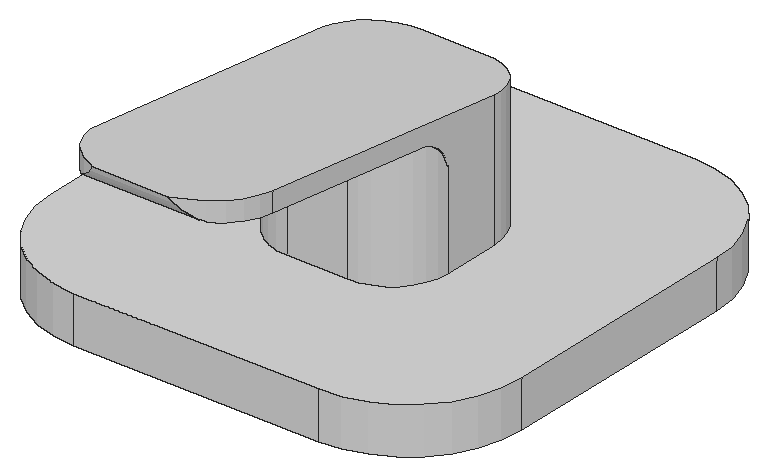
Revit family "Diverter_Trim-Lixil-Grohe_Cubeo_3-Way_101930_TEST", category Plumbing Fixtures, host Face, Revit 2023
Family settings
  Host = Face
  Round Connector Dimension = Use Diameter
  Part Type = Normal
  OmniClass Number = 23.45.05.14.17
  OmniClass Title = Showers
  Enable Cutting in Views = No
  Cut with Voids When Loaded = No
  Maintain Annotation Orientation = No
  Shared = No
  Room Calculation Point = No
Parameters (values of type "Chrome")
  Waste Connection = 1 = 0  # no
  Warranty URL = "Contact Manufacturer for More Information"
  WFU = 0
  Version = "2023 v.1.0a"  # constant formula
  Vent Connection = 1 = 0  # no
  URL = "https://www.grohe.com/en/corporate/homepage.html"
  Type Comments = ""
  Support Phone = "224-699-9545"  # constant formula
  Support Email = "mailto:support@bimsmith.com"
  Product Page URL = "https://lixilpro.com/products/thermostats/thermostats-trim/Cubeo-3-Way-Diverter-Trim/Chrome-(G00)-1019300000/"
  Product Name = "Cubeo 3-Way Diverter Trim"  # constant formula
  Product Documentation Link = "https://lixil.cdn.celum.cloud/252850_101930_Cubeo_3way_diverter_trim_original.pdf"
  Model = "1019300000"
  Material = "Solid Brass Body Construction"  # constant formula
  Manufacturer Phone Number = "+1 (800) 444-7643"  # constant formula
  Manufacturer Email = "Contact Manufacturer for More Information"
  Manufacturer Address = "Contact Manufacturer for More Information"
  Manufacturer = "LIXIL"  # constant formula
  Keynote = "22 41 39"
  HWFU = 0
  HW Connection = 1 = 0  # no
  Flow Rate = 0 GPM
  Finish = Metal - Grohe - Chrome
  Description = "Diverter trim"  # constant formula
  Default Elevation = 0' - 0"  # constant formula
  Copyright = "©LIXIL® | All Rights Reserved"  # constant formula
  Collection = "Cubeo"  # constant formula
  CWFU = 0
  CW Connection = 1 = 0  # no
  Brand = "Grohe"  # constant formula
  Assembly Code = "D2010700"
Types (4): name | Model | Finish
  Chrome | "1019300000" | Metal - Grohe - Chrome
  Matte Black | "1019302430" | Metal - Grohe - Matte Black
  Brushed Nickel | "101930EN00" | Metal - Grohe - Brushed Nickel
  Brushed Cool Sunrise | "101930GN00" | Metal - Grohe - Brushed Cool Sunrise
Reference planes (in)
  plane 1 "Center (Front/Back)": y = 3.6957
  plane 2: z = 0
  plane 3 "Center (Left/Right)": x = 0
  plane 4: x = 0.49375
  plane 5: x = 0.24375
  plane 6: x = 2.59375
  plane 7: x = 0.34141
  plane 8: x = 2.09609
Forms (in)
  Extrusion 1, solid, material "Metal - Grohe - Chrome" <- "Finish"
    sketch origin (1.21875, 2.10221, 0) x (1, 0, 0) y (0, 1, 0)
      loop
        line (-0.19369, 3.56223) -> (-2.24219, 3.56223)
        arc (-2.24219, 3.56223) -> (-2.91062, 3.28536) -> (-3.1875, 2.61692) r 0.94531
        line (-3.1875, 2.61692) -> (-3.1875, 0.57005)
        arc (-3.1875, 0.57005) -> (-2.91062, -0.09839) -> (-2.24219, -0.37527) r 0.94531
        line (-2.24219, -0.37527) -> (-0.19531, -0.37527)
        arc (-0.19531, -0.37527) -> (0.47312, -0.09839) -> (0.75, 0.57005) r 0.94531
        line (0.75, 0.57005) -> (0.75, 2.61855)
        arc (0.75, 2.61855) -> (0.4736, 3.28584) -> (-0.19369, 3.56223) r 0.94369
    from 0 to 0.39143
  Extrusion 2, solid, material "Metal - Grohe - Chrome" <- "Finish"
    sketch origin (0, 3.24573, 0.59796) x (1, 0, 0) y (0, 1, 0)
      loop
        arc (-0.25344, 1.16959) -> (-0.58246, 1.03331) -> (-0.71875, 0.70428) r 0.46531
        line (-0.71875, 0.70428) -> (-0.71875, -1.61392)
        arc (-0.71875, -1.61392) -> (-0.53226, -2.06415) -> (-0.08203, -2.25064) r 0.63672
        line (-0.08203, -2.25064) -> (0.08203, -2.25064)
        arc (0.08203, -2.25064) -> (0.53226, -2.06415) -> (0.71875, -1.61392) r 0.63672
        line (0.71875, -1.61392) -> (0.71875, 0.70428)
        arc (0.71875, 0.70428) -> (0.58246, 1.03331) -> (0.25344, 1.16959) r 0.46531
        line (0.25344, 1.16959) -> (-0.25344, 1.16959)
    from -0.31972 to 3.19293
  Extrusion 3, void
    sketch origin (0, -18.71786, -2.50981) x (0, 1, 0) y (0, 0, 1)
      loop
        line (23.13319, 2.90124) -> (23.13319, 3.9694) -> (19.75731, 4.40124)
        arc (19.75731, 4.40124) -> (19.84334, 4.25807) -> (20.00064, 4.20185) r 0.24817
        line (20.00064, 4.20185) -> (21.95965, 3.95668)
        arc (21.95965, 3.95668) -> (22.12808, 3.81623) -> (22.1912, 3.6062) r 0.38103
        line (22.1912, 3.6062) -> (22.1912, 2.90124) -> (23.13319, 2.90124)
      loop
        line (24.11657, 6.46972) -> (18.8592, 6.46972) -> (18.8592, 2.51991) -> (24.11657, 2.51991) -> (24.11657, 6.46972)
    from -0.71875 to 0.71875
  Extrusion 4, solid, material "Metal - Grohe - Chrome" <- "Finish"
    sketch origin (0, 3.68512, 0.39564) x (1, 0, 0) y (0, 1, 0)
      loop
        line (-0.71875, 0.03339) -> (-0.71875, -0.22487)
        arc (-0.71875, -0.22487) -> (-0.58246, -0.55389) -> (-0.25344, -0.69018) r 0.46531
        line (-0.25344, -0.69018) -> (0.25344, -0.69018)
        arc (0.25344, -0.69018) -> (0.58246, -0.55389) -> (0.71875, -0.22487) r 0.46531
        line (0.71875, -0.22487) -> (0.71875, 0.03339) -> (-0.71875, 0.03339)
    from -0.00421 to 1.09479
Cuts and joins
  Extrusion 3 cuts Extrusion 2
  joined: Extrusion 2, Extrusion 4
Lines and regions (in)
  model lines, detail levels fine
    curve 1: line (-1.30865, 4.41533, 0.39143) -> (-1.37885, 4.41533, 0.39143)
    curve 2: arc (-1.37885, 4.41533, 0.39143) -> (-1.39864, 4.40713, 0.39143) -> (-1.40683, 4.38735, 0.39143) r 0.02798
    curve 3: line (-1.40683, 4.38735, 0.39143) -> (-1.40683, 4.31714, 0.39143)
    curve 4: arc (-1.37885, 4.28916, 0.39143) -> (-1.39864, 4.29735, 0.39143) -> (-1.40683, 4.31714, 0.39143) r 0.02798
    curve 5: line (-1.30865, 4.28916, 0.39143) -> (-1.37885, 4.28916, 0.39143)
    curve 6: arc (-1.30865, 4.28916, 0.39143) -> (-1.28886, 4.29735, 0.39143) -> (-1.28067, 4.31714, 0.39143) r 0.02798
    curve 7: line (-1.28067, 4.38735, 0.39143) -> (-1.28067, 4.31714, 0.39143)
    curve 8: arc (-1.30865, 4.41533, 0.39143) -> (-1.28886, 4.40713, 0.39143) -> (-1.28067, 4.38735, 0.39143) r 0.02798
    curve 9: line (1.30865, 4.41533, 0.39143) -> (1.37885, 4.41533, 0.39143)
    curve 10: arc (1.37885, 4.41533, 0.39143) -> (1.39864, 4.40713, 0.39143) -> (1.40683, 4.38735, 0.39143) r 0.02798
    curve 11: line (1.40683, 4.38735, 0.39143) -> (1.40683, 4.31714, 0.39143)
    curve 12: arc (1.37885, 4.28916, 0.39143) -> (1.39864, 4.29735, 0.39143) -> (1.40683, 4.31714, 0.39143) r 0.02798
    curve 13: line (1.30865, 4.28916, 0.39143) -> (1.37885, 4.28916, 0.39143)
    curve 14: arc (1.30865, 4.28916, 0.39143) -> (1.28886, 4.29735, 0.39143) -> (1.28067, 4.31714, 0.39143) r 0.02798
    curve 15: line (1.28067, 4.38735, 0.39143) -> (1.28067, 4.31714, 0.39143)
    curve 16: arc (1.30865, 4.41533, 0.39143) -> (1.28886, 4.40713, 0.39143) -> (1.28067, 4.38735, 0.39143) r 0.02798
    curve 17: line (-0.32989, 5.2582, 0.39143) -> (0.32989, 5.2582, 0.39143)
    curve 18: line (-0.32989, 5.0082, 0.39143) -> (-0.32989, 5.2582, 0.39143)
    curve 19: line (0.32989, 5.0082, 0.39143) -> (-0.32989, 5.0082, 0.39143)
    curve 20: line (0.32989, 5.2582, 0.39143) -> (0.32989, 5.0082, 0.39143)
    curve 21: line (0.0351, 2.42403, 0.39143) -> (-0.0351, 2.42403, 0.39143)
    curve 22: arc (-0.0351, 2.42403, 0.39143) -> (-0.05489, 2.41583, 0.39143) -> (-0.06308, 2.39605, 0.39143) r 0.02798
    curve 23: line (-0.06308, 2.39605, 0.39143) -> (-0.06308, 2.32584, 0.39143)
    curve 24: arc (-0.0351, 2.29786, 0.39143) -> (-0.05489, 2.30606, 0.39143) -> (-0.06308, 2.32584, 0.39143) r 0.02798
    curve 25: line (0.0351, 2.29786, 0.39143) -> (-0.0351, 2.29786, 0.39143)
    curve 26: arc (0.0351, 2.29786, 0.39143) -> (0.05489, 2.30606, 0.39143) -> (0.06308, 2.32584, 0.39143) r 0.02798
    curve 27: line (0.06308, 2.39605, 0.39143) -> (0.06308, 2.32584, 0.39143)
    curve 28: arc (0.0351, 2.42403, 0.39143) -> (0.05489, 2.41583, 0.39143) -> (0.06308, 2.39605, 0.39143) r 0.02798
Dimensions and locks (in)
  plane 5 to plane 4 = 0' - 0 1/4"
  plane 7 to plane 4 = 0' - 0 39/256"
  aligned and locked: plane 2 to host face
  aligned and locked: level to host face
